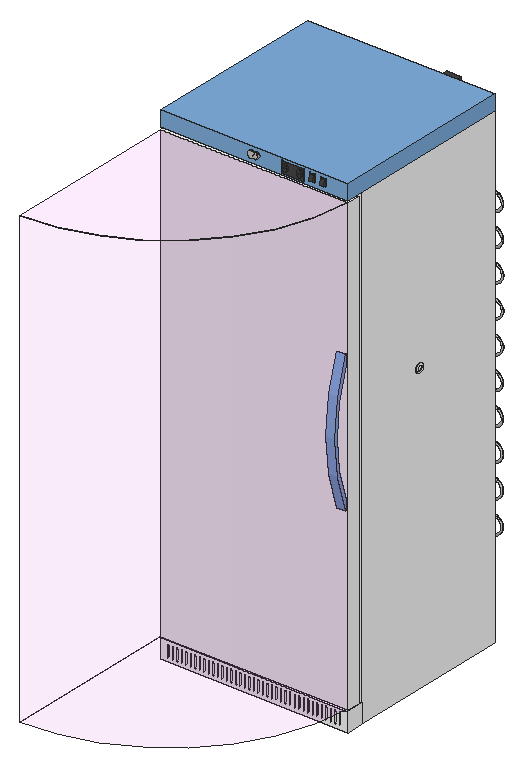
Revit family "QF_Summit_ARS12PV_Pharma_Vac_All_Refrigerator", category Specialty Equipment, Revit 2020 (continued)
Automatic sketch dimensions
  Split face 4 sketch curve to Split face 4 sketch curve = 0"
  Split face 4 sketch curve to Split face 4 sketch curve = 1/64"
  Split face 5 sketch curve to Extrusion 2 = 0.77151"
  Split face 5 sketch curve to Extrusion 2 = 3.21342"
  Split face 5 sketch curve to Split face 5 sketch curve = 0.00447"
  Split face 5 sketch curve to Split face 5 sketch curve = 0.02913"
  Split face 5 sketch curve to Split face 5 sketch curve = 0.06885"
  Split face 5 sketch curve to Split face 5 sketch curve = 0.05632"
  Split face 5 sketch curve to Split face 5 sketch curve = 0.04342"
  Split face 5 sketch curve to Split face 5 sketch curve = 0.04721"
  Split face 5 sketch curve to Split face 5 sketch curve = 0.049"
  Split face 5 sketch curve to Split face 5 sketch curve = 0.02401"
  Split face 5 sketch curve to Split face 5 sketch curve = 0.00357"
  Split face 5 sketch curve to Split face 5 sketch curve = 0.00602"
  Split face 5 sketch curve to Split face 5 sketch curve = 0.03286"
  Split face 5 sketch curve to Split face 5 sketch curve = 0.00635"
  Split face 5 sketch curve to Split face 5 sketch curve = 0.04385"
  Split face 5 sketch curve to Split face 5 sketch curve = 0.03341"
  Split face 5 sketch curve to Split face 5 sketch curve = 0.02357"
  Split face 5 sketch curve to Split face 5 sketch curve = 0.02858"
  Split face 5 sketch curve to Split face 5 sketch curve = 0.04277"
  Split face 5 sketch curve to Split face 5 sketch curve = 0.00063"
  Split face 5 sketch curve to Split face 5 sketch curve = 0.02096"
  Split face 5 sketch curve to Split face 5 sketch curve = 0.02263"
  Split face 5 sketch curve to Split face 5 sketch curve = 0.02829"
  Split face 5 sketch curve to Split face 5 sketch curve = 0.05231"
  Split face 5 sketch curve to Split face 5 sketch curve = 0.02169"
  Split face 5 sketch curve to Split face 5 sketch curve = 0.02759"
  Split face 5 sketch curve to Split face 5 sketch curve = 0.00044"
  Split face 5 sketch curve to Split face 5 sketch curve = 0.05698"
  Split face 5 sketch curve to Split face 5 sketch curve = 0.02956"
  Split face 5 sketch curve to Split face 5 sketch curve = 0.01975"
  Split face 5 sketch curve to Split face 5 sketch curve = 0.03754"
  Split face 5 sketch curve to Split face 5 sketch curve = 0"  (x5)
  Split face 5 sketch curve to Split face 5 sketch curve = 0.0171"
  Split face 5 sketch curve to Split face 5 sketch curve = 0.12547"
  Split face 5 sketch curve to Split face 5 sketch curve = 0.03468"
  Split face 6 sketch curve to Extrusion 2 = 0.84328"
  Split face 6 sketch curve to Extrusion 2 = 3.51723"
  Split face 7 sketch curve to Extrusion 2 = 0.83375"
  Split face 7 sketch curve to Extrusion 2 = 3.9256"
  Split face 7 sketch curve to Split face 7 sketch curve = 0.02781"
  Split face 7 sketch curve to Split face 7 sketch curve = 0.03195"
  Split face 7 sketch curve to Split face 7 sketch curve = 0.05651"
  Split face 7 sketch curve to Split face 7 sketch curve = 0.0705"
  Split face 7 sketch curve to Split face 7 sketch curve = 0.0326"
  Split face 7 sketch curve to Split face 7 sketch curve = 0.03942"
  Split face 7 sketch curve to Extrusion 2 = 0.47311"
  Split face 8 sketch curve to Extrusion 2 = 0.47576"
  Split face 8 sketch curve to Extrusion 2 = 4.45929"
  Split face 8 sketch curve to Split face 8 sketch curve = 0.03195"
  Split face 8 sketch curve to Split face 8 sketch curve = 0.03942"
  Split face 8 sketch curve to Split face 8 sketch curve = 0.06686"
  Split face 8 sketch curve to Split face 8 sketch curve = 0.06108"
  Split face 8 sketch curve to Split face 8 sketch curve = 0.00386"
  Split face 8 sketch curve to Split face 8 sketch curve = 0.0281"
  Split face 8 sketch curve to Split face 8 sketch curve = 0.03736"
  Split face 8 sketch curve to Split face 8 sketch curve = 0.01483"
  Split face 8 sketch curve to Split face 8 sketch curve = 0.04944"
  Split face 8 sketch curve to Split face 8 sketch curve = 0.07229"
  Split face 8 sketch curve to Split face 8 sketch curve = 0.07649"
  Split face 8 sketch curve to Split face 8 sketch curve = 0.16571"
  Split face 8 sketch curve to Split face 8 sketch curve = 0.11591"
  Split face 8 sketch curve to Split face 8 sketch curve = 0.09007"
  Split face 8 sketch curve to Split face 8 sketch curve = 0.05683"
  Split face 8 sketch curve to Split face 8 sketch curve = 0.18959"
  Split face 8 sketch curve to Split face 8 sketch curve = 0.02222"
  Split face 8 sketch curve to Split face 8 sketch curve = 0.0095"
  Split face 8 sketch curve to Split face 8 sketch curve = 0.02188"
  Split face 8 sketch curve to Split face 8 sketch curve = 0"
  Split face 8 sketch curve to Split face 8 sketch curve = 0.02021"
  Split face 8 sketch curve to Split face 8 sketch curve = 0.1054"
  Extrusion 15 sketch curve to Extrusion 1 = 1.88463"  (x4)
  Extrusion 15 sketch curve to Extrusion 1 = 1.81758"  (x4)
  Extrusion 15 sketch curve to Extrusion 15 sketch curve = 0"
  Extrusion 15 sketch curve to Extrusion 15 sketch curve = 12"  (x4)
  Extrusion 15 sketch curve to Extrusion 1 = 10 1/2"  (x2)
  plane 16 to Sweep 16 sketch curve = 0.95416"
  plane 16 to Sweep 16 sketch curve = 0.99524"
  plane 16 to Sweep 16 sketch curve = 0.9955"
  plane 16 to Sweep 16 sketch curve = 0.99909"
  plane 16 to Sweep 16 sketch curve = 1"
  plane 16 to Sweep 16 sketch curve = 1.00025"
  plane 16 to Sweep 16 sketch curve = 1.01275"
  plane 16 to Sweep 16 sketch curve = 1.03006"  (x2)
  plane 16 to Sweep 16 sketch curve = 1.06016"
  plane 22 to Sweep 16 sketch curve = 1.06005"
  plane 22 to Sweep 16 sketch curve = 1.03055"
  plane 22 to Sweep 16 sketch curve = 1"
  plane 22 to Sweep 16 sketch curve = 0.98407"
  plane 22 to Sweep 16 sketch curve = 0.98267"
  plane 22 to Sweep 16 sketch curve = 0.98208"
  plane 22 to Sweep 16 sketch curve = 0.97663"
  plane 22 to Sweep 16 sketch curve = 0.96636"
  plane 22 to Sweep 16 sketch curve = 0.96599"
  plane 22 to Sweep 16 sketch curve = 0.96555"
  plane 9 "Base Height" to Sweep 16 sketch curve = 11 1/8"
  Sweep 16 sketch curve to Sweep 16 sketch curve = 1"  (x18)
  Sweep 16 sketch curve to Sweep 16 sketch curve = 1.06206"
  plane 23 to Sweep 16 sketch curve = 0.01145"
  Sweep 16 sketch curve to profile plane = 3/32"
  plane 1 "BACK" to Sweep 16 sketch curve = 3/32"
  Extrusion 17 sketch curve to Extrusion 17 sketch curve = 0"  (x2)
  Extrusion 1 to Extrusion 17 sketch curve = 8 3/4"
  Extrusion 17 sketch curve to Extrusion 1 = 33 5/8"
  Extrusion 2 to Extrusion 18 sketch curve = 1/4"  (x2)
  Extrusion 18 sketch curve to Extrusion 2 = 6 3/4"
  Extrusion 18 sketch curve to Extrusion 18 sketch curve = 1 3/4"
  Extrusion 19 sketch curve to plane 4 "RIGHT" = 0"
  plane 5 "FRONT" to Extrusion 19 sketch curve = 0"
  plane 4 "RIGHT" to Extrusion 19 sketch curve = 0.04959"
  Extrusion 19 sketch curve to plane 3 "LEFT" = 0.00218"
  Extrusion 19 sketch curve to plane 13 = 0.61036"
  Split face 9 sketch curve to Extrusion 2 = 0.77404"
  Split face 9 sketch curve to Extrusion 2 = 2.1833"
  Split face 9 sketch curve to Split face 9 sketch curve = 0.00447"
  Split face 9 sketch curve to Split face 9 sketch curve = 0.02913"
  Split face 9 sketch curve to Split face 9 sketch curve = 0.06885"
  Split face 9 sketch curve to Split face 9 sketch curve = 0.05632"
  Split face 9 sketch curve to Split face 9 sketch curve = 0.04342"
  Split face 9 sketch curve to Split face 9 sketch curve = 0.04721"
  Split face 9 sketch curve to Split face 9 sketch curve = 0.049"
  Split face 9 sketch curve to Split face 9 sketch curve = 0.02401"
  Split face 9 sketch curve to Split face 9 sketch curve = 0.00357"
  Split face 9 sketch curve to Split face 9 sketch curve = 0.00602"
  Split face 9 sketch curve to Split face 9 sketch curve = 0.03286"
  Split face 9 sketch curve to Split face 9 sketch curve = 0.00635"
  Split face 9 sketch curve to Split face 9 sketch curve = 0.04385"
  Split face 9 sketch curve to Split face 9 sketch curve = 0.03341"
  Split face 9 sketch curve to Split face 9 sketch curve = 0.02357"
  Split face 9 sketch curve to Split face 9 sketch curve = 0.02858"
  Split face 9 sketch curve to Split face 9 sketch curve = 0.04277"
  Split face 9 sketch curve to Split face 9 sketch curve = 0.00063"
  Split face 9 sketch curve to Split face 9 sketch curve = 0.02096"
  Split face 9 sketch curve to Split face 9 sketch curve = 0.02263"
  Split face 9 sketch curve to Split face 9 sketch curve = 0.02829"
  Split face 9 sketch curve to Split face 9 sketch curve = 0.05231"
  Split face 9 sketch curve to Split face 9 sketch curve = 0.02169"
  Split face 9 sketch curve to Split face 9 sketch curve = 0.02759"
  Split face 9 sketch curve to Split face 9 sketch curve = 0.00044"
  Split face 9 sketch curve to Split face 9 sketch curve = 0.05698"
  Split face 9 sketch curve to Split face 9 sketch curve = 0.02956"
  Split face 9 sketch curve to Split face 9 sketch curve = 0.01975"
  Split face 9 sketch curve to Split face 9 sketch curve = 0.03754"
  Split face 9 sketch curve to Split face 9 sketch curve = 0"  (x5)
  Split face 9 sketch curve to Split face 9 sketch curve = 0.0171"
  Split face 9 sketch curve to Split face 9 sketch curve = 0.12547"
  Split face 9 sketch curve to Split face 9 sketch curve = 0.03468"
  Extrusion 14 to Split face 10 sketch curve = 0.01468"
  Extrusion 14 to Split face 10 sketch curve = 0.18593"
  Extrusion 20 sketch curve to Extrusion 1 = 0"  (x4)
  Extrusion 20 sketch curve to Extrusion 1 = 1/16"
  Extrusion 1 to Extrusion 20 sketch curve = 1/16"  (x3)
  Extrusion 21 sketch curve to Extrusion 20 = 0"  (x4)
  Extrusion 20 to Extrusion 21 sketch curve = 27/32"
  Extrusion 21 sketch curve to Extrusion 21 sketch curve = 3/32"  (x39)
  Extrusion 21 sketch curve to Extrusion 21 sketch curve = 3/8"  (x38)
  Extrusion 20 to Extrusion 21 sketch curve = 13/32"  (x39)
  Extrusion 20 to Extrusion 21 sketch curve = 17/32"  (x38)
  Extrusion 21 sketch curve to Extrusion 21 sketch curve = 0"
  Split face 11 sketch curve to Extrusion 2 = 0.69981"
  Split face 11 sketch curve to Extrusion 2 = 4.22664"
  Split face 11 sketch curve to Split face 11 sketch curve = 0.1447"
  Extrusion 22 sketch curve to plane 5 "FRONT" = 0"  (x2)
  Extrusion 22 sketch curve to plane 12 = 4.41125"
  Extrusion 22 sketch curve to plane 12 = 1.87509"
  plane 9 "Base Height" to Extrusion 22 sketch curve = 24.64624"
  Extrusion 22 sketch curve to Extrusion 22 sketch curve = 1 1/4"
  Extrusion 22 sketch curve to Extrusion 22 sketch curve = 7 1/2"
  Extrusion 22 sketch curve to Extrusion 22 sketch curve = 0"
  Extrusion 1 to Extrusion 23 sketch curve = 0"
  Extrusion 23 sketch curve to Extrusion 1 = 0"  (x3)
  Extrusion 23 sketch curve to Extrusion 23 sketch curve = 5"
  Extrusion 1 to Extrusion 23 sketch curve = 9 1/4"
  Extrusion 1 to Extrusion 23 sketch curve = 4 1/4"
  Extrusion 23 sketch curve to Extrusion 1 = 1 3/4"
  Extrusion 23 sketch curve to Extrusion 23 sketch curve = 6 1/2"
  Extrusion 23 sketch curve to Extrusion 23 sketch curve = 39 1/2"
  Extrusion 23 sketch curve to Extrusion 23 sketch curve = 7"
  Extrusion 23 sketch curve to Extrusion 23 sketch curve = 9 1/4"
  Extrusion 24 sketch curve to Extrusion 1 = 0"  (x4)
  Extrusion 1 to Extrusion 24 sketch curve = 0"  (x2)
  Extrusion 24 sketch curve to Extrusion 1 = 1 11/16"  (x2)
  Extrusion 25 sketch curve to Extrusion 3 = 1/2"  (x4)
  Split face 12 sketch curve to Extrusion 2 = 0.83997"
  Split face 12 sketch curve to Extrusion 2 = 3.64781"
  Split face 12 sketch curve to Extrusion 2 = 0.7258"
  Split face 12 sketch curve to Split face 12 sketch curve = 0.06553"  (x2)
  Split face 12 sketch curve to Extrusion 2 = 0.87779"
  Split face 12 sketch curve to Extrusion 2 = 0.76415"
  Split face 12 sketch curve to Split face 12 sketch curve = 0.06283"
  Split face 12 sketch curve to Extrusion 2 = 0.91058"
  Split face 12 sketch curve to Split face 12 sketch curve = 0.06491"
  Split face 12 sketch curve to Split face 12 sketch curve = 0.06473"
  Split face 12 sketch curve to Extrusion 2 = 0.7991"
  Split face 12 sketch curve to Split face 12 sketch curve = 0.06777"
  Split face 12 sketch curve to Extrusion 2 = 0.7276"
  Split face 12 sketch curve to Split face 12 sketch curve = 0.00013"
  Split face 12 sketch curve to Extrusion 2 = 0.83901"
  Split face 12 sketch curve to Split face 12 sketch curve = 0.06536"
  Split face 12 sketch curve to Split face 12 sketch curve = 0.03528"
  Split face 12 sketch curve to Split face 12 sketch curve = 0.03387"
  Split face 12 sketch curve to Split face 12 sketch curve = 0.07234"
  Split face 12 sketch curve to Split face 12 sketch curve = 0.07543"
  Extrusion 26 sketch curve to plane 3 "LEFT" = 0"
  plane 5 "FRONT" to Extrusion 26 sketch curve = 0"
  Extrusion 26 sketch curve to plane 3 "LEFT" = 0.04959"
  plane 4 "RIGHT" to Extrusion 26 sketch curve = 0.00218"
  plane 13 to Extrusion 26 sketch curve = 0.61036"
  Extrusion 27 sketch curve to plane 5 "FRONT" = 0"  (x2)
  Extrusion 27 sketch curve to plane 12 = 4.41125"
  Extrusion 27 sketch curve to plane 12 = 1.87509"
  Extrusion 27 sketch curve to plane 21 = 10.72876"
  Extrusion 27 sketch curve to Extrusion 27 sketch curve = 1 1/4"
  Extrusion 27 sketch curve to plane 21 = 19.47876"
  Extrusion 27 sketch curve to Extrusion 27 sketch curve = 0"
  radius of Extrusion 4 sketch curve = 1/4"
  radius of Split face 6 sketch curve = 0.26828"
  radius of Extrusion 15 sketch curve = 1/4"  (x8)
  radius of Sweep 16 sketch curve = 3/32"
  radius of Extrusion 17 sketch curve = 1/2"
  radius of Extrusion 17 sketch curve = 13/32"
  radius of Split face 10 sketch curve = 0.18692"
Connectors (in)
  electrical at (20.85407, -1.4375, 3.45918), driven by "Volts"
    settings: on Extrusion 4, index 1, voltage 115 V, apparent load 0 VA, apparent load phase1 0 VA, apparent load phase2 0 VA, apparent load phase3 0 VA, power factor 1, load classification "Other", number of poles 1, system type 30, power factor state 1, is connector primary yes, connector utility no, sub classification motor no, connector description "Electrical Connection"
